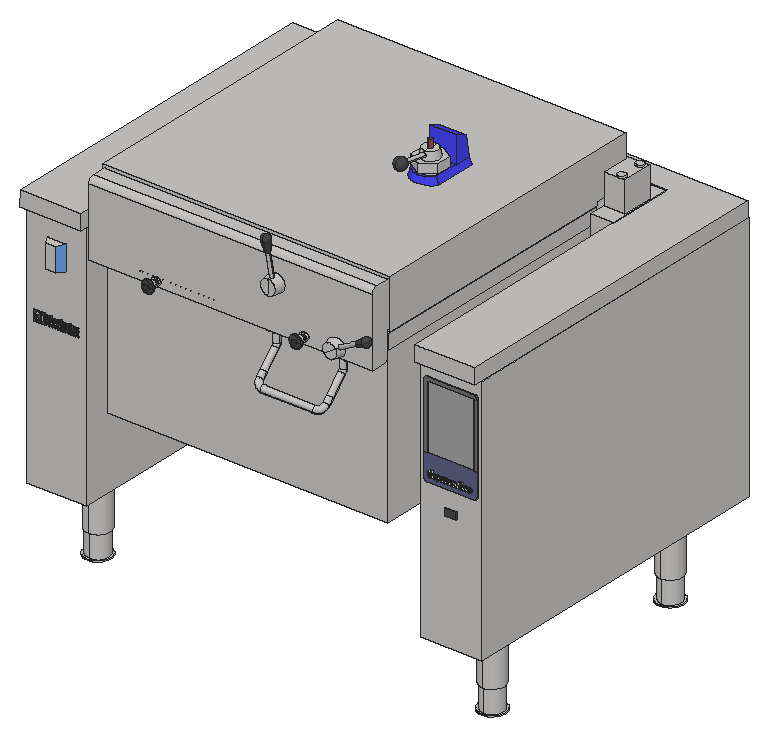
Revit family "QF_ELECTROLUXPROFESSIONAL_587142_PUET09ECIO", category Attrezzature speciali, Revit 2020 (continued)
Definition of nested family "QF_ELECTROLUXPROFESSIONAL_PUETNB900_LEFT"
  Automatic sketch dimensions
    Extrusion 4 sketch curve to Extrusion 4 sketch curve = 2.789 mm
    Extrusion 4 sketch curve to Extrusion 4 sketch curve = 0.908 mm  (x2)
    Extrusion 4 sketch curve to Extrusion 4 sketch curve = 0.826 mm  (x2)
    Extrusion 4 sketch curve to Extrusion 4 sketch curve = 0.126 mm  (x3)
    Extrusion 4 sketch curve to Extrusion 4 sketch curve = 2.333 mm
    Extrusion 4 sketch curve to Extrusion 4 sketch curve = 1.257 mm  (x2)
    Extrusion 4 sketch curve to Extrusion 4 sketch curve = 2.771 mm
    Extrusion 4 sketch curve to Extrusion 4 sketch curve = 1.497 mm
    Extrusion 4 sketch curve to Extrusion 4 sketch curve = 1.979 mm
    Extrusion 4 sketch curve to Extrusion 4 sketch curve = 1.653 mm
    Extrusion 4 sketch curve to Extrusion 4 sketch curve = 0.085 mm
    Extrusion 4 sketch curve to Extrusion 4 sketch curve = 0.315 mm
    Extrusion 4 sketch curve to Extrusion 4 sketch curve = 3.811 mm
    Extrusion 4 sketch curve to Extrusion 4 sketch curve = 2.136 mm  (x2)
    Extrusion 4 sketch curve to Extrusion 4 sketch curve = 2.352 mm  (x2)
    Extrusion 4 sketch curve to Extrusion 4 sketch curve = 3.797 mm
    Extrusion 4 sketch curve to Extrusion 4 sketch curve = 1.528 mm
    Extrusion 4 sketch curve to Extrusion 4 sketch curve = 1.476 mm  (x2)
    Extrusion 4 sketch curve to Extrusion 4 sketch curve = 1.469 mm  (x2)
    Extrusion 4 sketch curve to Extrusion 4 sketch curve = 3.728 mm
    Extrusion 4 sketch curve to Extrusion 4 sketch curve = 0.046 mm
    Extrusion 4 sketch curve to Extrusion 4 sketch curve = 0.177 mm
    Extrusion 4 sketch curve to Extrusion 4 sketch curve = 0.947 mm
    Extrusion 4 sketch curve to Extrusion 4 sketch curve = 0.308 mm
    Extrusion 4 sketch curve to Extrusion 4 sketch curve = 0.091 mm
    Extrusion 4 sketch curve to Extrusion 4 sketch curve = 2.375 mm
    Extrusion 4 sketch curve to Extrusion 4 sketch curve = 0.94 mm
    Extrusion 4 sketch curve to Extrusion 4 sketch curve = 0.54 mm
    Extrusion 4 sketch curve to Extrusion 4 sketch curve = 0.102 mm
    Extrusion 4 sketch curve to Extrusion 4 sketch curve = 0.002 mm  (x4)
    Extrusion 4 sketch curve to Extrusion 4 sketch curve = 0.105 mm
    Extrusion 4 sketch curve to Extrusion 4 sketch curve = 0.097 mm
    Extrusion 4 sketch curve to plane 3 "Center (Left/Right)" = 0.241 mm
    Extrusion 4 sketch curve to plane 3 "Center (Left/Right)" = 0.412 mm
    Extrusion 4 sketch curve to plane 3 "Center (Left/Right)" = 2.074 mm
    Extrusion 4 sketch curve to Extrusion 4 sketch curve = 1.777 mm
    Extrusion 4 sketch curve to plane 3 "Center (Left/Right)" = 2.704 mm
    Extrusion 4 sketch curve to Extrusion 4 sketch curve = 1.001 mm
    Extrusion 4 sketch curve to Extrusion 4 sketch curve = 1.393 mm  (x2)
    Extrusion 4 sketch curve to Extrusion 4 sketch curve = 2.363 mm
    Extrusion 4 sketch curve to Extrusion 4 sketch curve = 2.253 mm
    Extrusion 4 sketch curve to Extrusion 4 sketch curve = 0.014 mm  (x4)
    Extrusion 4 sketch curve to Extrusion 4 sketch curve = 0.172 mm
    Extrusion 4 sketch curve to Extrusion 4 sketch curve = 0.096 mm
    Extrusion 4 sketch curve to Extrusion 4 sketch curve = 0.164 mm
    Extrusion 4 sketch curve to Extrusion 4 sketch curve = 0.298 mm
    Extrusion 4 sketch curve to Extrusion 4 sketch curve = 0.247 mm
    Extrusion 4 sketch curve to Extrusion 4 sketch curve = 0.084 mm
    Extrusion 4 sketch curve to Extrusion 4 sketch curve = 6.484 mm
    Extrusion 4 sketch curve to Extrusion 4 sketch curve = 2.596 mm
    Extrusion 4 sketch curve to Extrusion 4 sketch curve = 0.059 mm  (x2)
    Extrusion 4 sketch curve to Extrusion 4 sketch curve = 3.889 mm
    Extrusion 4 sketch curve to Extrusion 4 sketch curve = 6.029 mm
    Extrusion 4 sketch curve to Extrusion 4 sketch curve = 0.929 mm
    Extrusion 4 sketch curve to Extrusion 4 sketch curve = 1.102 mm
    Extrusion 4 sketch curve to Extrusion 4 sketch curve = 0.756 mm  (x2)
    Extrusion 4 sketch curve to Extrusion 4 sketch curve = 0.852 mm
    Extrusion 4 sketch curve to Extrusion 4 sketch curve = 0.108 mm
    Extrusion 4 sketch curve to Extrusion 4 sketch curve = 0.101 mm
    Extrusion 4 sketch curve to Extrusion 4 sketch curve = 0.072 mm
    Extrusion 4 sketch curve to Extrusion 4 sketch curve = 1.67 mm
    Extrusion 4 sketch curve to Extrusion 4 sketch curve = 1.834 mm
    Extrusion 4 sketch curve to Extrusion 4 sketch curve = 0.366 mm
    Extrusion 4 sketch curve to Extrusion 4 sketch curve = 0.993 mm
    Extrusion 4 sketch curve to Extrusion 4 sketch curve = 0.81 mm
    Extrusion 4 sketch curve to Extrusion 4 sketch curve = 1.026 mm  (x2)
    Extrusion 4 sketch curve to Extrusion 4 sketch curve = 4.272 mm
    Extrusion 4 sketch curve to Extrusion 4 sketch curve = 0.163 mm
    Extrusion 4 sketch curve to Extrusion 4 sketch curve = 0.551 mm
    plane 14 to Extrusion 4 sketch curve = 6.023 mm
    Extrusion 4 sketch curve to Extrusion 4 sketch curve = 1.451 mm
    plane 14 to Extrusion 4 sketch curve = 5.28 mm
    Extrusion 4 sketch curve to Extrusion 4 sketch curve = 0.045 mm  (x2)
    Extrusion 4 sketch curve to Extrusion 4 sketch curve = 0.241 mm
    Extrusion 4 sketch curve to Extrusion 4 sketch curve = 0.039 mm
    Extrusion 4 sketch curve to Extrusion 4 sketch curve = 1.134 mm
    Extrusion 4 sketch curve to Extrusion 4 sketch curve = 2.351 mm
    Extrusion 4 sketch curve to plane 14 = 0.874 mm
    Extrusion 4 sketch curve to Extrusion 4 sketch curve = 10.128 mm
    Extrusion 4 sketch curve to Extrusion 4 sketch curve = 0.956 mm
    Extrusion 4 sketch curve to Extrusion 4 sketch curve = 1.263 mm
    Extrusion 4 sketch curve to Extrusion 4 sketch curve = 2.577 mm
    Extrusion 4 sketch curve to Extrusion 4 sketch curve = 0.243 mm
    Extrusion 4 sketch curve to Extrusion 4 sketch curve = 0.031 mm
    Extrusion 4 sketch curve to Extrusion 4 sketch curve = 7.148 mm
    Extrusion 4 sketch curve to Extrusion 4 sketch curve = 1.502 mm
    Extrusion 4 sketch curve to Extrusion 4 sketch curve = 11.54 mm
    Extrusion 4 sketch curve to Extrusion 4 sketch curve = 11.758 mm
    Extrusion 4 sketch curve to Extrusion 4 sketch curve = 4.097 mm
    Extrusion 4 sketch curve to Extrusion 4 sketch curve = 0.011 mm
    Extrusion 4 sketch curve to Extrusion 4 sketch curve = 4.488 mm
    plane 17 "CHW" to Extrusion 4 sketch curve = 191.223 mm
    Extrusion 4 sketch curve to Extrusion 4 sketch curve = 3.444 mm  (x2)
    Extrusion 4 sketch curve to Extrusion 4 sketch curve = 3.777 mm
    Extrusion 4 sketch curve to Extrusion 4 sketch curve = 1.093 mm
    Extrusion 4 sketch curve to Extrusion 4 sketch curve = 1.192 mm
    Extrusion 4 sketch curve to Extrusion 4 sketch curve = 0.319 mm
    Extrusion 4 sketch curve to Extrusion 4 sketch curve = 5.798 mm
    Extrusion 4 sketch curve to Extrusion 4 sketch curve = 2.021 mm
    Extrusion 4 sketch curve to Extrusion 4 sketch curve = 2.357 mm  (x3)
    Extrusion 4 sketch curve to Extrusion 4 sketch curve = 0.892 mm  (x3)
    Extrusion 4 sketch curve to Extrusion 4 sketch curve = 1.018 mm
    Extrusion 4 sketch curve to Extrusion 4 sketch curve = 3.382 mm  (x2)
    Extrusion 4 sketch curve to Extrusion 4 sketch curve = 2.117 mm
    Extrusion 4 sketch curve to Extrusion 4 sketch curve = 0.195 mm  (x2)
    Extrusion 4 sketch curve to Extrusion 4 sketch curve = 0.295 mm  (x2)
    Extrusion 4 sketch curve to Extrusion 4 sketch curve = 0.618 mm
    Extrusion 4 sketch curve to Extrusion 4 sketch curve = 0.385 mm  (x2)
    Extrusion 4 sketch curve to Extrusion 4 sketch curve = 1.626 mm  (x2)
    Extrusion 4 sketch curve to Extrusion 4 sketch curve = 1.65 mm
    Extrusion 4 sketch curve to Extrusion 4 sketch curve = 1.662 mm
    Extrusion 4 sketch curve to Extrusion 4 sketch curve = 0.013 mm  (x2)
    Extrusion 4 sketch curve to Extrusion 4 sketch curve = 0.292 mm
    Extrusion 4 sketch curve to Extrusion 4 sketch curve = 0.107 mm  (x2)
    Extrusion 4 sketch curve to Extrusion 4 sketch curve = 0.068 mm  (x2)
    Extrusion 4 sketch curve to Extrusion 4 sketch curve = 0.968 mm
    Extrusion 4 sketch curve to Extrusion 4 sketch curve = 0.365 mm
    Extrusion 4 sketch curve to Extrusion 4 sketch curve = 2.361 mm
    Extrusion 4 sketch curve to Extrusion 4 sketch curve = 2.359 mm
    Extrusion 4 sketch curve to Extrusion 4 sketch curve = 0.531 mm  (x2)
    Extrusion 4 sketch curve to Extrusion 4 sketch curve = 0.928 mm  (x2)
    Extrusion 4 sketch curve to Extrusion 4 sketch curve = 1.058 mm
    Extrusion 4 sketch curve to Extrusion 4 sketch curve = 0.297 mm  (x2)
    Extrusion 4 sketch curve to Extrusion 4 sketch curve = 0.155 mm  (x2)
    Extrusion 4 sketch curve to Extrusion 4 sketch curve = 1.305 mm
    Extrusion 4 sketch curve to Extrusion 4 sketch curve = 1.037 mm
    Extrusion 4 sketch curve to Extrusion 4 sketch curve = 0.182 mm  (x2)
    Extrusion 4 sketch curve to Extrusion 4 sketch curve = 0.607 mm  (x2)
    Extrusion 4 sketch curve to Extrusion 4 sketch curve = 0.304 mm  (x2)
    Extrusion 4 sketch curve to Extrusion 4 sketch curve = 0.372 mm  (x2)
    Extrusion 4 sketch curve to Extrusion 4 sketch curve = 0.016 mm  (x2)
    Extrusion 4 sketch curve to Extrusion 4 sketch curve = 0.996 mm
    Extrusion 4 sketch curve to Extrusion 4 sketch curve = 0.93 mm
    Extrusion 4 sketch curve to Extrusion 4 sketch curve = 0.709 mm  (x2)
    Extrusion 4 sketch curve to Extrusion 4 sketch curve = 1.752 mm
    Extrusion 4 sketch curve to Extrusion 4 sketch curve = 1.017 mm
    Extrusion 4 sketch curve to Extrusion 4 sketch curve = 4.718 mm
    Extrusion 4 sketch curve to Extrusion 4 sketch curve = 0.891 mm
    Extrusion 4 sketch curve to Extrusion 4 sketch curve = 3.826 mm
    Extrusion 4 sketch curve to Extrusion 4 sketch curve = 1.696 mm
    Extrusion 4 sketch curve to Extrusion 4 sketch curve = 0.954 mm
    Extrusion 4 sketch curve to Extrusion 4 sketch curve = 5.576 mm
    Extrusion 4 sketch curve to Extrusion 4 sketch curve = 5.657 mm  (x2)
    Extrusion 4 sketch curve to Extrusion 4 sketch curve = 5.661 mm  (x2)
    Extrusion 4 sketch curve to Extrusion 4 sketch curve = 0.006 mm
    Extrusion 4 sketch curve to Extrusion 4 sketch curve = 1.499 mm
    Extrusion 4 sketch curve to Extrusion 4 sketch curve = 7.186 mm
    Extrusion 4 sketch curve to Extrusion 4 sketch curve = 2.203 mm
    Extrusion 4 sketch curve to Extrusion 4 sketch curve = 2.21 mm
    Extrusion 4 sketch curve to Extrusion 4 sketch curve = 1.607 mm
    Extrusion 4 sketch curve to Extrusion 4 sketch curve = 3.479 mm
    Extrusion 4 sketch curve to Extrusion 4 sketch curve = 3.92 mm
    Extrusion 4 sketch curve to Extrusion 4 sketch curve = 0.05 mm
    Extrusion 4 sketch curve to Extrusion 4 sketch curve = 1.776 mm
    Extrusion 4 sketch curve to Extrusion 4 sketch curve = 4.017 mm
    Extrusion 4 sketch curve to Extrusion 4 sketch curve = 0.196 mm  (x2)
    Extrusion 4 sketch curve to Extrusion 4 sketch curve = 0.19 mm
    Extrusion 4 sketch curve to Extrusion 4 sketch curve = 1.312 mm
    Extrusion 4 sketch curve to Extrusion 4 sketch curve = 0.146 mm
    Extrusion 4 sketch curve to Extrusion 4 sketch curve = 2.831 mm
    Extrusion 4 sketch curve to Extrusion 4 sketch curve = 0.387 mm
    Extrusion 4 sketch curve to Extrusion 4 sketch curve = 0.174 mm
    Extrusion 4 sketch curve to Extrusion 4 sketch curve = 4.623 mm
    Extrusion 4 sketch curve to Extrusion 4 sketch curve = 1.754 mm
    Extrusion 4 sketch curve to Extrusion 4 sketch curve = 0.188 mm
    Extrusion 4 sketch curve to Extrusion 4 sketch curve = 0.02 mm
    Extrusion 4 sketch curve to Extrusion 4 sketch curve = 0.313 mm
    Extrusion 4 sketch curve to Extrusion 4 sketch curve = 0.12 mm
    Extrusion 4 sketch curve to Extrusion 4 sketch curve = 0.062 mm
    Extrusion 4 sketch curve to Extrusion 4 sketch curve = 0.568 mm
    Extrusion 4 sketch curve to Extrusion 4 sketch curve = 1.763 mm
    Extrusion 4 sketch curve to Extrusion 4 sketch curve = 0.095 mm
    Extrusion 4 sketch curve to Extrusion 4 sketch curve = 1.817 mm
    Extrusion 4 sketch curve to Extrusion 4 sketch curve = 0.357 mm
    Extrusion 4 sketch curve to Extrusion 4 sketch curve = 0.008 mm
    Extrusion 4 sketch curve to Extrusion 4 sketch curve = 0.36 mm
    Extrusion 4 sketch curve to Extrusion 4 sketch curve = 3.784 mm
    Extrusion 4 sketch curve to Extrusion 4 sketch curve = 1.654 mm
    Extrusion 4 sketch curve to Extrusion 4 sketch curve = 1.454 mm
    Extrusion 4 sketch curve to Extrusion 4 sketch curve = 1.705 mm
    Extrusion 4 sketch curve to Extrusion 4 sketch curve = 1.893 mm
    Extrusion 4 sketch curve to Extrusion 4 sketch curve = 3.429 mm
    Extrusion 4 sketch curve to Extrusion 4 sketch curve = 1.094 mm
    Extrusion 4 sketch curve to Extrusion 4 sketch curve = 2.218 mm
    Extrusion 4 sketch curve to Extrusion 4 sketch curve = 1.404 mm
    Extrusion 4 sketch curve to Extrusion 4 sketch curve = 5.763 mm
    Extrusion 4 sketch curve to Extrusion 4 sketch curve = 2.932 mm  (x2)
    Extrusion 4 sketch curve to Extrusion 4 sketch curve = 5.959 mm
    Extrusion 4 sketch curve to Extrusion 4 sketch curve = 1.424 mm
    Extrusion 4 sketch curve to Extrusion 4 sketch curve = 3.23 mm
    Extrusion 4 sketch curve to Extrusion 4 sketch curve = 1.975 mm
    Extrusion 4 sketch curve to Extrusion 4 sketch curve = 3.779 mm
    Extrusion 4 sketch curve to Extrusion 4 sketch curve = 2.212 mm
    Extrusion 4 sketch curve to Extrusion 4 sketch curve = 3.78 mm
    Extrusion 4 sketch curve to Extrusion 4 sketch curve = 1.279 mm
    Extrusion 4 sketch curve to Extrusion 4 sketch curve = 1.343 mm  (x2)
    Extrusion 4 sketch curve to Extrusion 4 sketch curve = 1.353 mm  (x2)
    Extrusion 4 sketch curve to Extrusion 4 sketch curve = 0.027 mm  (x2)
    Extrusion 4 sketch curve to Extrusion 4 sketch curve = 0.395 mm  (x2)
    Extrusion 4 sketch curve to Extrusion 4 sketch curve = 0.329 mm  (x2)
    Extrusion 4 sketch curve to Extrusion 4 sketch curve = 0.425 mm  (x2)
    Extrusion 4 sketch curve to Extrusion 4 sketch curve = 0.051 mm  (x2)
    Extrusion 4 sketch curve to Extrusion 4 sketch curve = 0.495 mm  (x2)
    Extrusion 4 sketch curve to Extrusion 4 sketch curve = 0.267 mm  (x2)
    Extrusion 4 sketch curve to Extrusion 4 sketch curve = 1.4 mm
    Extrusion 4 sketch curve to Extrusion 4 sketch curve = 5.233 mm
    Extrusion 4 sketch curve to Extrusion 4 sketch curve = 2.062 mm
    Extrusion 5 sketch curve to plane 13 "HW_CW" = 0.0 mm  (x2)
    Extrusion 5 sketch curve to plane 15 = 0.0 mm
    Extrusion 5 sketch curve to plane 14 = 0.0 mm
    Extrusion 6 sketch curve to plane 16 "Drain_Z" = 0.0 mm
    Extrusion 6 sketch curve to plane 18 = 0.0 mm
    Extrusion 7 sketch curve to plane 3 "Center (Left/Right)" = 0.0 mm
    Extrusion 7 sketch curve to plane 19 = 0.0 mm
    radius of Extrusion 2 sketch curve = 6.35 mm  (x2)
    radius of Extrusion 4 sketch curve = 2.453 mm
    radius of Extrusion 4 sketch curve = 1.557 mm
    radius of Extrusion 4 sketch curve = 1.468 mm
    radius of Extrusion 4 sketch curve = 2.451 mm
    radius of Extrusion 5 sketch curve = 5.0 mm  (x2)
    radius of Extrusion 6 sketch curve = 7.938 mm
    radius of Extrusion 7 sketch curve = 12.7 mm
Definition of nested family "QF_ELECTROLUXPROFESSIONAL_PUETNB900_RIGHT"
  Parameters
    Width = 160.0 mm
    Steam_z = 140.0 mm
    Steam_y = 239.0 mm
    Right = Width / 2  # 80.0 mm
    Default Elevation = 0.0 mm
    Left = -Width / 2  # -80.0 mm
    Htop = 40.0 mm
    Height = 900.0 mm
    HBase = 200.0 mm
    EI_z = 250.0 mm
    EI_y = 312.0 mm
    Depth = 900.0 mm
    BorderFront = 20.0 mm
    Body Finish [instance] = none
  Reference planes
    plane 1 "Center (Front/Back)": y = 0
    plane 2: z = 0
    plane 3 "Center (Left/Right)": x = 0
    plane 4 "LEFT": x = -80
    plane 5 "RIGHT": x = 80
    plane 6 "BACK": y = 450
    plane 7 "FRONT": y = -450
    plane 8 "Base": z = 200
    plane 9 "TOP": z = 900
    plane 10 "BorderFront": y = -430
    plane 11: z = 860
    plane 12 "EI": z = 450
    plane 13: y = 138
    plane 14 "STEAM_y": y = 211
    plane 15 "Steam_z": z = 340
  Forms (mm)
    Extrusion 1, solid
      sketch origin (0, 0, 0) x (1, 0, 0) y (0, 1, 0)
        loop
          line (-80, 450) -> (-80, -430) -> (80, -430) -> (80, 450) -> (-80, 450)
      from 860 to 200
    Extrusion 2, solid
      sketch origin (0, -430, 0) x (-1, 0, 0) y (0, 0, 1)
        loop
          line (59.714, 823.989) -> (-61.821, 823.989)
          arc (-61.821, 823.989) -> (-68.892, 821.06) -> (-71.821, 813.989) r 10
          line (-71.821, 813.989) -> (-71.821, 644.744) -> (-61.821, 644.744) -> (-61.821, 813.989) -> (59.714, 813.989) -> (59.714, 644.744) -> (69.714, 644.744) -> (69.714, 813.989)
          arc (69.714, 813.989) -> (66.786, 821.06) -> (59.714, 823.989) r 10
      from 0 to -3
    Extrusion 3, solid
      sketch origin (0, -430, 0) x (-1, 0, 0) y (0, 0, 1)
        loop
          line (69.714, 585) -> (69.714, 644.744) -> (-71.821, 644.744) -> (-71.821, 585)
          arc (-71.821, 585) -> (-68.892, 577.929) -> (-61.821, 575) r 10
          line (-61.821, 575) -> (59.714, 575)
          arc (59.714, 575) -> (66.786, 577.929) -> (69.714, 585) r 10
      from -3 to 0
    Extrusion 4, solid
      sketch origin (234.714, -430, 0) x (-1, 0, 0) y (0, 0, 1)
        loop
          line (294.429, 813.989) -> (172.894, 813.989) -> (172.894, 644.744) -> (294.429, 644.744) -> (294.429, 813.989)
      from 0 to -3
    Extrusion 5, solid
      sketch origin (0, -430, 0) x (-1, 0, 0) y (0, 0, 1)
        loop
          line (15, 530) -> (-15, 530) -> (-15, 510) -> (15, 510) -> (15, 530)
      from -1.6 to 0
    Extrusion 6, solid
      sketch origin (0, 450, 0) x (-1, 0, 0) y (0, 0, 1)
        loop
          circle (0, 450) r 5
      from 0 to 2
    Extrusion 7, solid
      sketch origin (0, 0, 200) x (0, 1, 0) y (-1, 0, 0)
        loop
          circle (138, 0) r 10
      from 0 to -3
    Extrusion 8, solid
      sketch origin (0, 0, 200) x (0, 1, 0) y (-1, 0, 0)
        loop
          circle (211, 0) r 12.7
      from 0 to -3
    Extrusion 9, solid
      sketch origin (0, 450, 0) x (-1, 0, 0) y (0, 0, 1)
        loop
          circle (0, 340) r 12.7
      from 0 to 3
  Lines and regions (mm)
    symbolic lines
      curve 1: line (-80, 450, 0) -> (80, 450, 0)
      curve 2: line (80, 450, 0) -> (80, -430, 0)
  Dimensions and locks
    "Width": plane 4 "LEFT" to plane 5 "RIGHT"
    equal spacing: plane 4 "LEFT", plane 3 "Center (Left/Right)", plane 5 "RIGHT"
    equal spacing: plane 6 "BACK", plane 1 "Center (Front/Back)", plane 7 "FRONT"
    "Depth": plane 6 "BACK" to plane 7 "FRONT"
    "BorderFront": plane 10 "BorderFront" to plane 7 "FRONT"
    "Htop": plane 9 "TOP" to plane 11
    "Height": plane 9 "TOP" to level
    "HBase": plane 8 "Base" to level
    "EI_y": plane 6 "BACK" to plane 13
    "EI_z": plane 12 "EI" to plane 8 "Base"
    "Steam_y": plane 6 "BACK" to plane 14 "STEAM_y"
    plane 15 "Steam_z" to plane 8 "Base" = 140.0 mm
    aligned and locked: level to plane 2
    aligned and locked: plane 10 "BorderFront" to Extrusion 1 sketch curve
    aligned and locked: plane 11 to Extrusion 1
    aligned and locked: Extrusion 1 to plane 8 "Base"
    aligned and locked: plane 4 "LEFT" to Extrusion 1 sketch curve
    aligned and locked: Extrusion 1 sketch curve to plane 5 "RIGHT"
    aligned and locked: Extrusion 1 sketch curve to plane 6 "BACK"
  Automatic sketch dimensions
    Extrusion 2 sketch curve to plane 5 "RIGHT" = 8.179 mm
    Extrusion 2 sketch curve to Extrusion 2 sketch curve = 10.0 mm  (x2)
    Extrusion 2 sketch curve to Extrusion 2 sketch curve = 0.0 mm  (x4)
    plane 4 "LEFT" to Extrusion 2 sketch curve = 20.286 mm
    Extrusion 2 sketch curve to plane 11 = 215.256 mm
    Extrusion 2 sketch curve to plane 11 = 46.011 mm
    Extrusion 3 sketch curve to plane 5 "RIGHT" = 8.179 mm
    plane 4 "LEFT" to Extrusion 3 sketch curve = 20.286 mm
    plane 4 "LEFT" to Extrusion 3 sketch curve = 10.286 mm
    Extrusion 3 sketch curve to plane 11 = 285.0 mm
    Extrusion 3 sketch curve to Extrusion 3 sketch curve = 59.744 mm
    Extrusion 3 sketch curve to Extrusion 3 sketch curve = 10.0 mm
    plane 4 "LEFT" to Extrusion 4 sketch curve = 20.286 mm
    Extrusion 4 sketch curve to plane 11 = 46.011 mm
    Extrusion 4 sketch curve to plane 5 "RIGHT" = 18.179 mm
    Extrusion 4 sketch curve to Extrusion 4 sketch curve = 169.244 mm
    Extrusion 6 sketch curve to plane 3 "Center (Left/Right)" = 0.0 mm
    Extrusion 6 sketch curve to plane 12 "EI" = 0.0 mm
    curve 1 to plane 4 "LEFT" = 0.0 mm
    curve 1 to plane 5 "RIGHT" = 0.0 mm
    curve 2 to plane 10 "BorderFront" = 0.0 mm
    curve 1 to plane 6 "BACK" = 0.0 mm
    plane 3 "Center (Left/Right)" to Extrusion 5 sketch curve = 15.0 mm
    Extrusion 5 sketch curve to plane 3 "Center (Left/Right)" = 15.0 mm
    plane 12 "EI" to Extrusion 5 sketch curve = 60.0 mm
    Extrusion 5 sketch curve to Extrusion 5 sketch curve = 20.0 mm
    Extrusion 7 sketch curve to plane 3 "Center (Left/Right)" = 0.0 mm
    Extrusion 7 sketch curve to plane 13 = 0.0 mm
    Extrusion 8 sketch curve to plane 3 "Center (Left/Right)" = 0.0 mm
    Extrusion 8 sketch curve to plane 14 "STEAM_y" = 0.0 mm
    Extrusion 9 sketch curve to plane 3 "Center (Left/Right)" = 0.0 mm
    Extrusion 9 sketch curve to plane 15 "Steam_z" = 0.0 mm
    radius of Extrusion 6 sketch curve = 5.0 mm
    radius of Extrusion 7 sketch curve = 10.0 mm
    radius of Extrusion 8 sketch curve = 12.7 mm
    radius of Extrusion 9 sketch curve = 12.7 mm
  Nested families
    nested 1: "ELX_ThermaLine" at (-0.906, -433, 593.675) x (1, 0, 0) z (0, -1, 0), type "ELX_ThermaLine"
      with Show Logo yes, Material_Logo none
  Definition of nested family "ELX_ThermaLine"
    Parameters
      Show Logo [instance] = yes
      Material_Logo [instance] = none
      Default Elevation = 0.0 mm
    Reference planes
      plane 1 "Centro (Fronte/Retro)": y = 0
      plane 2: z = 0
      plane 3 "Centro (Sinistra/Destra)": x = 0
    Forms (mm)
      Extrusion 1, solid
        sketch origin (0, 0, 0) x (1, 0, 0) y (0, 1, 0)
          loop
            line (-1219.2, 1219.2) -> (-1219.2, -1219.2) -> (1219.2, -1219.2) -> (1219.2, 1219.2) -> (-1219.2, 1219.2)
        from 0 to -304.8
      Extrusion 2, solid
        sketch origin (0, 0, 0) x (1, 0, 0) y (0, 1, 0)
          loop
            line (-52.84, 4.345) -> (-50.793, 4.345) -> (-50.793, 6.716) -> (-52.84, 6.716) -> (-52.84, 10.788) -> (-55.901, 9.058) -> (-55.901, 6.716) -> (-57.324, 6.716) -> (-57.324, 4.345) -> (-55.901, 4.345) -> (-55.901, -1.637)
            arc (-55.901, -1.637) -> (-54.76, -4.355) -> (-51.88, -4.985) r 3.198
            line (-51.88, -4.985) -> (-50.444, -4.597) -> (-50.782, -2.189) -> (-51.765, -2.453)
            arc (-51.765, -2.453) -> (-52.506, -2.305) -> (-52.84, -1.628) r 0.854
            line (-52.84, -1.628) -> (-52.84, 4.345)
          loop
            line (-48.642, 11.198) -> (-48.642, -4.787) -> (-45.561, -4.787) -> (-45.561, 2.659)
            arc (-45.561, 2.659) -> (-44.379, 4.372) -> (-42.304, 4.523) r 2.408
            arc (-42.304, 4.523) -> (-41.484, 3.75) -> (-41.182, 2.665) r 2.099
            line (-41.182, 2.665) -> (-41.182, -4.787) -> (-38.117, -4.787) -> (-38.088, 2.166)
            arc (-38.088, 2.166) -> (-38.343, 3.963) -> (-39.021, 5.646) r 7.517
            arc (-39.021, 5.646) -> (-42.369, 6.971) -> (-45.561, 5.303) r 4.327
            line (-45.561, 5.303) -> (-45.561, 11.198) -> (-48.642, 11.198)
          loop
            arc (-28.196, 1.988) -> (-28.834, 3.893) -> (-30.683, 4.679) r 2.449
            arc (-30.683, 4.679) -> (-32.149, 3.674) -> (-32.711, 1.988) r 2.793
            line (-32.711, 1.988) -> (-28.196, 1.988)
          loop
            arc (-25.128, 0.121) -> (-26.074, 4.342) -> (-29.545, 6.923) r 6.212
            arc (-29.545, 6.923) -> (-33.021, 6.358) -> (-35.352, 3.718) r 5.232
            arc (-35.352, 3.718) -> (-35.918, 1.148) -> (-35.633, -1.468) r 8.117
            arc (-35.633, -1.468) -> (-34.524, -3.319) -> (-32.789, -4.603) r 5.523
            arc (-32.789, -4.603) -> (-28.402, -4.744) -> (-25.297, -1.641) r 5.523
            line (-25.297, -1.641) -> (-28.327, -1.106)
            arc (-28.327, -1.106) -> (-29.324, -2.396) -> (-30.951, -2.501) r 1.982
            arc (-30.951, -2.501) -> (-32.276, -1.475) -> (-32.789, 0.121) r 2.835
            line (-32.789, 0.121) -> (-25.128, 0.121)
          loop
            line (-22.733, -4.787) -> (-19.705, -4.787) -> (-19.705, 0)
            arc (-19.705, 0) -> (-19.663, 1.267) -> (-19.469, 2.521) r 10.557
            arc (-19.469, 2.521) -> (-18.189, 4.014) -> (-16.237, 3.761) r 2.069
            line (-16.237, 3.761) -> (-15.318, 6.433)
            arc (-15.318, 6.433) -> (-17.915, 6.783) -> (-19.931, 5.11) r 3.262
            line (-19.931, 5.11) -> (-19.931, 6.752) -> (-22.733, 6.752) -> (-22.733, -4.787)
          loop
            line (-14.233, 6.752) -> (-14.233, -4.787) -> (-11.135, -4.787) -> (-11.135, 1.783)
            arc (-11.135, 1.783) -> (-10.552, 3.635) -> (-8.862, 4.59) r 2.646
            arc (-8.862, 4.59) -> (-7.677, 3.931) -> (-7.234, 2.65) r 1.899
            line (-7.234, 2.65) -> (-7.234, -4.787) -> (-4.155, -4.787) -> (-4.155, 1.467)
            arc (-4.155, 1.467) -> (-3.845, 2.923) -> (-2.97, 4.128) r 3.581
            arc (-2.97, 4.128) -> (-1.581, 4.474) -> (-0.516, 3.516) r 1.525
            arc (-0.516, 3.516) -> (-0.324, 2.735) -> (-0.304, 1.931) r 3.735
            line (-0.304, 1.931) -> (-0.304, -4.787) -> (2.776, -4.787) -> (2.776, 3.096)
            arc (2.776, 3.096) -> (1.833, 5.68) -> (-0.612, 6.942) r 3.784
            arc (-0.612, 6.942) -> (-2.795, 6.596) -> (-4.513, 5.205) r 4.271
            arc (-4.513, 5.205) -> (-5.893, 6.457) -> (-7.686, 6.964) r 4.079
            arc (-7.686, 6.964) -> (-9.75, 6.555) -> (-11.39, 5.237) r 4.412
            line (-11.39, 5.237) -> (-11.39, 6.752) -> (-14.233, 6.752)
          loop
            line (5.334, 3.712) -> (8.069, 3.23)
            arc (8.069, 3.23) -> (10.312, 4.685) -> (12.137, 2.73) r 2.082
            line (12.137, 2.73) -> (8.171, 1.741)
            arc (8.171, 1.741) -> (6.593, 1.022) -> (5.378, -0.215) r 4.758
            arc (5.378, -0.215) -> (5.225, -1.991) -> (5.744, -3.697) r 4.711
            arc (5.744, -3.697) -> (7.301, -4.682) -> (9.118, -4.992) r 4.691
            arc (9.118, -4.992) -> (10.903, -4.593) -> (12.411, -3.558) r 4.818
            line (12.411, -3.558) -> (12.81, -4.787) -> (15.873, -4.787) -> (15.179, -2.652) -> (15.179, 3.25)
            arc (15.179, 3.25) -> (14.773, 5.146) -> (13.38, 6.496) r 3.336
            arc (13.38, 6.496) -> (10.765, 7.201) -> (8.091, 6.773) r 6.459
            arc (8.091, 6.773) -> (6.348, 5.57) -> (5.334, 3.712) r 4.569
          loop
            line (21.001, -4.787) -> (24.24, -4.787) -> (27.623, 11.127) -> (24.384, 11.127) -> (21.001, -4.787)
          loop
            line (27.273, -4.787) -> (30.332, -4.787) -> (32.777, 6.716) -> (29.718, 6.716) -> (27.273, -4.787)
          loop
            line (30.656, 11.127) -> (30.058, 8.314) -> (33.117, 8.314) -> (33.715, 11.127) -> (30.656, 11.127)
          loop
            line (33.431, -4.787) -> (36.649, -4.787) -> (38.261, 2.796)
            arc (38.261, 2.796) -> (39.644, 4.445) -> (41.791, 4.594) r 2.751
            arc (41.791, 4.594) -> (42.425, 3.729) -> (42.502, 2.659) r 1.936
            line (42.502, 2.659) -> (40.919, -4.787) -> (43.989, -4.787) -> (45.795, 3.712)
            arc (45.795, 3.712) -> (45.588, 5.458) -> (44.361, 6.716) r 2.734
            arc (44.361, 6.716) -> (41.222, 6.857) -> (38.516, 5.259) r 5.512
            line (38.516, 5.259) -> (38.826, 6.716) -> (35.876, 6.716) -> (33.431, -4.787)
          loop
            line (50.773, 1.934) -> (55.672, 1.934)
            arc (55.672, 1.934) -> (55.737, 2.919) -> (55.334, 3.821) r 2.051
            arc (55.334, 3.821) -> (53.773, 4.722) -> (52.024, 4.287) r 2.407
            arc (52.024, 4.287) -> (51.223, 3.203) -> (50.773, 1.934) r 4.566
          loop
            line (50.479, 0) -> (58.259, 0)
            arc (58.259, 0) -> (58.241, 3.53) -> (56.181, 6.396) r 5.8
            arc (56.181, 6.396) -> (52.577, 6.992) -> (49.395, 5.199) r 5.498
            arc (49.395, 5.199) -> (47.819, 2.372) -> (47.536, -0.853) r 7.747
            arc (47.536, -0.853) -> (48.406, -3.006) -> (50.236, -4.437) r 4.494
            arc (50.236, -4.437) -> (52.672, -4.934) -> (55.109, -4.437) r 6.224
            arc (55.109, -4.437) -> (56.76, -3.346) -> (57.916, -1.739) r 5.478
            line (57.916, -1.739) -> (55.129, -1.247)
            arc (55.129, -1.247) -> (53.897, -2.495) -> (52.149, -2.637) r 2.52
            arc (52.149, -2.637) -> (50.809, -1.638) -> (50.479, 0) r 2.336
          loop
            line (12.154, 0.755) -> (8.732, -0.098)
            arc (8.732, -0.098) -> (8.126, -1.288) -> (8.732, -2.478) r 1.471
            arc (8.732, -2.478) -> (10.437, -2.725) -> (11.827, -1.706) r 2.276
            arc (11.827, -1.706) -> (12.142, -0.496) -> (12.154, 0.755) r 5.123
        from 0 to 1.6
    Dimensions and locks
      aligned and locked: plane 2 to Extrusion 1
      aligned and locked: level to Extrusion 1
Definition of nested family "QF_ELECTROLUXPROFESSIONAL_2FEET_THL_120xH200"
  Parameters
    Width = 120.0 mm
    Right = Width / 2  # 60.0 mm
    Default Elevation = 0.0 mm
    Left = -Width / 2  # -60.0 mm
    Height = 200.0 mm
    HBase = Height - 15.0 mm  # 185.0 mm
    Depth = 880.0 mm
  Reference planes
    plane 1 "Center (Front/Back)": y = 0
    plane 2: z = 0
    plane 3 "Center (Left/Right)": x = 0
    plane 4 "LEFT": x = -60
    plane 5 "RIGHT": x = 60
    plane 6 "BACK": y = 440
    plane 7 "FRONT": y = -440
    plane 8 "Base": z = 185
    plane 9 "TOP": z = 200
    plane 10: y = 283
    plane 11: y = -304
    plane 12: y = 368
    plane 13: y = -388
    plane 14: x = -80
  Forms (mm)
    Extrusion 1, solid
      sketch origin (0, 0, 200) x (0, 1, 0) y (-1, 0, 0)
        loop
          line (368, 60) -> (-388, 60) -> (-388, -60) -> (368, -60) -> (368, 60)
      from 0 to -15
    Revolve 2, solid
      sketch origin (0, 0, 0) x (0, 1, 0) y (0, 0, 1)
        loop
          line (283, 0) -> (318, 0) -> (318, 2) -> (311.179, 2) -> (311.179, 63) -> (314.75, 63) -> (314.75, 185) -> (283, 185) -> (283, 0)
        axis (283, 185) -> (283, 0)
      angle from 0 to 360
    Revolve 3, solid
      sketch origin (0, 0, 0) x (0, 1, 0) y (0, 0, 1)
        loop
          line (-304, 185) -> (-304, 0) -> (-269, 0) -> (-269, 2) -> (-275.821, 2) -> (-275.821, 63) -> (-272.25, 63) -> (-272.25, 185) -> (-304, 185)
        axis (-304, 185) -> (-304, 0)
      angle from 0 to 360
  Dimensions and locks
    "Width": plane 4 "LEFT" to plane 5 "RIGHT"
    equal spacing: plane 4 "LEFT", plane 3 "Center (Left/Right)", plane 5 "RIGHT"
    equal spacing: plane 6 "BACK", plane 1 "Center (Front/Back)", plane 7 "FRONT"
    "Depth": plane 6 "BACK" to plane 7 "FRONT"
    "HBase": plane 8 "Base" to level
    "Height": plane 9 "TOP" to level
    locked: plane 6 "BACK" to plane 10 at 157
    locked: plane 10 to plane 11 at 587
    plane 6 "BACK" to plane 12 = 72.0 mm
    plane 13 to plane 7 "FRONT" = 52.0 mm
    plane 12 to plane 13 = 756.0 mm
    plane 14 to plane 3 "Center (Left/Right)" = 80.0 mm
    aligned and locked: level to plane 2
    aligned and locked: Extrusion 1 sketch curve to plane 5 "RIGHT"
    aligned and locked: plane 4 "LEFT" to Extrusion 1 sketch curve
    aligned and locked: Extrusion 1 to plane 8 "Base"
    aligned and locked: Extrusion 1 sketch curve to plane 12
    aligned and locked: plane 13 to Extrusion 1 sketch curve
  Automatic sketch dimensions
    Revolve 2 sketch curve to level = 0.0 mm
    Revolve 2 sketch curve to plane 10 = 0.0 mm  (x2)
    Revolve 2 sketch curve to plane 8 "Base" = 0.0 mm
    plane 10 to Revolve 2 sketch curve = 28.179 mm
    Revolve 2 sketch curve to Revolve 2 sketch curve = 31.75 mm
    Revolve 2 sketch curve to Revolve 2 sketch curve = 6.821 mm
    level to Revolve 2 sketch curve = 2.0 mm
    Revolve 2 sketch curve to Revolve 2 sketch curve = 61.0 mm
    Revolve 2 sketch curve to level = 50.0 mm
    plane 9 "TOP" to Revolve 2 sketch curve = 70.0 mm
    Revolve 3 sketch curve to plane 11 = 0.0 mm
    Revolve 3 sketch curve to level = 0.0 mm
    Revolve 3 sketch curve to plane 10 = 587.0 mm
    Revolve 3 sketch curve to plane 8 "Base" = 0.0 mm
    Revolve 3 sketch curve to plane 10 = 558.821 mm
    Revolve 3 sketch curve to Revolve 3 sketch curve = 3.571 mm
    Revolve 3 sketch curve to Revolve 3 sketch curve = 6.821 mm
    level to Revolve 3 sketch curve = 2.0 mm
    Revolve 3 sketch curve to Revolve 3 sketch curve = 61.0 mm
    Revolve 3 sketch curve to level = 180.0 mm
    plane 9 "TOP" to Revolve 3 sketch curve = 205.0 mm
Definition of nested family "QF_ELECTROLUXPROFESSIONAL_PUET900_LEVEL1"
  Parameters
    Default Elevation = 0.0 mm
    Assembly Code = ""
  Reference planes
    plane 1 "Center (Front/Back)": y = 0
    plane 2: z = 0
    plane 3 "Center (Left/Right)": x = 0
  Forms (mm)
    Extrusion 1, solid
      sketch origin (0, 3.876, 51.351) x (1, 0, 0) y (0, 0.173648, 0.984808)
        loop
          circle (0, 0) r 5
      from 23.748 to 93.473
    Revolve 2, solid
      sketch origin (0, -19.24, 55.427) x (0, 0.984808, -0.173648) y (0, 0.173648, 0.984808)
        loop
          arc (-66.103, 5) -> (-82.782, 14.784) -> (-95.246, 0) r 15
          line (-95.246, 0) -> (-70, 0) -> (-70, 5) -> (-66.103, 5)
        axis (-66.103, 0) -> (-95.246, 0)
      angle from 0 to 360
    Revolve 3, solid
      sketch origin (0, 0, 0) x (0, 1, 0) y (0, 0, 1)
        loop
          line (0, 65.171) -> (0, 45.474) -> (23.473, 45.474) -> (20, 65.171) -> (0, 65.171)
        loop
          line (31.975, 22.781) -> (0, 22.781) -> (0, 17.857) -> (32.843, 17.857) -> (31.975, 22.781)
        axis (0, 17.857) -> (0, 65.171)
      angle from 0 to 360
    Extrusion 4, solid
      sketch origin (0, 0, 0) x (1, 0, 0) y (0, 1, 0)
        loop
          line (0, 40) -> (-34.641, 20) -> (-34.641, -20) -> (0, -40) -> (34.641, -20) -> (34.641, 20) -> (0, 40)
      from 22.781 to 45.474
    Extrusion 5, solid
      sketch origin (0, 0, 0) x (1, 0, 0) y (0, 1, 0)
        loop
          circle (0, 0) r 5
      from 85 to 65.171
    Extrusion 6, solid
      sketch origin (0, 0, 0) x (0, 1, 0) y (0, 0, 1)
        loop
          line (42.157, 17.857) -> (81.637, 17.857) -> (73.878, 73.065) -> (42.157, 87.857) -> (42.157, 17.857)
      from -35 to 35
    Blend 7, solid
      base sketch origin (0, 0, 0) x (1, 0, 0) y (0, 1, 0)
        loop
          line (-35, 81.637) -> (-35, -21.011)
          arc (-35, -21.011) -> (0, -40) -> (35, -21.011) r 41.751
          line (35, -21.011) -> (35, 81.637) -> (-35, 81.637)
      top sketch origin (0, 0, 0) x (1, 0, 0) y (0, 1, 0)
        loop
          arc (-40, -22.449) -> (0, -45) -> (40, -22.449) r 46.751
          line (40, -22.449) -> (40, 86.637) -> (-40, 86.637) -> (-40, -22.449)
      from 17.857 to 0
  Cuts and joins
    joined: Extrusion 1, Revolve 3
  Lines and regions (mm)
    symbolic lines
      curve 1: circle (0, -98.471, 0) r 15 normal (0, 0, 1)
      curve 2: line (-40, 86.637, 0) -> (40, 86.637, 0)
      curve 3: line (-40, -22.449, 0) -> (-40, 86.637, 0)
      curve 4: line (40, 86.637, 0) -> (40, -22.449, 0)
      curve 5: arc (40, -22.449, 0) -> (25.109, -37.685, 0) -> (5.003, -44.731, 0) r 46.751
      curve 6: line (5.003, -37.111, 0) -> (34.641, -20, 0)
      curve 7: line (34.641, 20, 0) -> (0, 40, 0)
      curve 8: line (0, 40, 0) -> (-34.641, 20, 0)
      curve 9: line (-35, 81.637, 0) -> (-35, -19.793, 0)
      curve 10: line (35, 81.637, 0) -> (-35, 81.637, 0)
      curve 11: line (-35, 73.878, 0) -> (35, 73.878, 0)
      curve 12: line (-35, 42.157, 0) -> (35, 42.157, 0)
      curve 13: line (34.641, -20, 0) -> (34.641, 20, 0)
      curve 14: line (-35, -19.793, 0) -> (-4.999, -37.114, 0)
      curve 15: line (5.003, -21.076, 0) -> (5.003, -84.33, 0)
      curve 16: line (-4.999, -21.076, 0) -> (-4.999, -84.328, 0)
      curve 17: line (-4.999, -21.076, 0) -> (5.003, -21.076, 0)
      curve 18: circle (0, 0, 0) r 5 normal (0, 0, 1)
      curve 19: circle (0, 0, 0) r 20 normal (0, 0, 1)
      curve 20: arc (-35, -21.011, 0) -> (-22.075, -33.687, 0) -> (-4.999, -39.7, 0) r 41.751
      curve 21: arc (5.003, -22.934, 0) -> (-0.002, 23.473, 0) -> (-4.999, -22.935, 0) r 23.473
      curve 22: arc (5.003, -39.699, 0) -> (22.077, -33.686, 0) -> (35, -21.011, 0) r 41.751
      curve 23: arc (-4.999, -44.732, 0) -> (-25.107, -37.686, 0) -> (-40, -22.449, 0) r 46.751
      curve 24: line (35, 81.637, 0) -> (35, -21.011, 0)
  Dimensions and locks
    aligned and locked: level to plane 2
Definition of nested family "QF_ELECTROLUXPROFESSIONAL_PUET900_LEVEL2"
  Parameters
    Default Elevation = 0.0 mm
    Assembly Code = ""
  Reference planes
    plane 1 "Center (Front/Back)": y = 0
    plane 2: z = 0
    plane 3 "Center (Left/Right)": x = 0
  Forms (mm)
    Extrusion 1, solid
      sketch origin (0, -8.374, -4.296) x (1, 0, 0) y (0, 0.98052, 0.196417)
        loop
          circle (0, 0) r 5
      from 23.748 to 93.473
    Revolve 2, solid
      sketch origin (0, -12.985, 18.72) x (0, 0.196417, -0.98052) y (0, 0.98052, 0.196417)
        loop
          line (-70, 0) -> (-70, 6.136) -> (-101.485, 11.307)
          arc (-101.485, 11.307) -> (-109.48, 7.995) -> (-112.792, 0) r 11.307
          line (-112.792, 0) -> (-70, 0)
        axis (-70, 0) -> (-112.792, 0)
      angle from 0 to 360
    Revolve 3, solid
      sketch origin (0, 0, -45.474) x (0, 1, 0) y (0, 0, 1)
        loop
          line (-25.258, 45.474) -> (0, 45.474) -> (0, 68.947) -> (-25.258, 64.494) -> (-25.258, 45.474)
        axis (0, 45.474) -> (-25.258, 45.474)
      angle from 0 to 360
  Cuts and joins
    joined: Extrusion 1, Revolve 3
  Lines and regions (mm)
    symbolic lines
      curve 1: line (-19.019, -25.258, 0) -> (-23.473, 0, 0)
      curve 2: line (-23.473, 0, 0) -> (23.473, 0, 0)
      curve 3: line (23.473, 0, 0) -> (19.019, -25.258, 0)
      curve 4: line (19.019, -25.258, 0) -> (8.015, -25.258, 0)
      curve 5: circle (0, -32.918, 0) r 11.087 normal (0, 0, 1)
      curve 6: line (-8.015, -25.258, 0) -> (-19.019, -25.258, 0)
      curve 7: line (-4.999, -13.345, 0) -> (-4.999, -23.022, 0)
      curve 8: line (4.998, -13.345, 0) -> (4.998, -23.022, 0)
      curve 9: arc (4.998, -13.345, 0) -> (-0.001, -8.347, 0) -> (-4.999, -13.345, 0) r 4.999
  Dimensions and locks
    aligned and locked: level to plane 2
Definition of nested family "QF_ELECTROLUXPROFESSIONAL_PUET900_LEVEL3"
  Parameters
    Default Elevation = 0.0 mm
    Assembly Code = ""
  Reference planes
    plane 1 "Center (Front/Back)": y = 0
    plane 2: z = 0
    plane 3 "Center (Left/Right)": x = 0
  Forms (mm)
    Extrusion 1, solid
      sketch origin (-3.72, -8.374, -2.148) x (0.5, 0, -0.866025) y (0.170102, 0.98052, 0.098208)
        loop
          circle (0, 0) r 5
      from 23.748 to 93.473
    Revolve 2, solid
      sketch origin (16.212, -12.985, 9.36) x (-0.849156, 0.196417, -0.49026) y (0.170102, 0.98052, 0.098208)
        loop
          line (-70, 0) -> (-70, 6.136) -> (-101.485, 11.307)
          arc (-101.485, 11.307) -> (-109.48, 7.995) -> (-112.792, 0) r 11.307
          line (-112.792, 0) -> (-70, 0)
        axis (-70, 0) -> (-112.792, 0)
      angle from 0 to 360
    Revolve 3, solid
      sketch origin (-39.382, 0, -22.737) x (0, 1, 0) y (0.866025, 0, 0.5)
        loop
          line (-25.258, 45.474) -> (0, 45.474) -> (0, 68.947) -> (-25.258, 64.494) -> (-25.258, 45.474)
        axis (0, 45.474) -> (-25.258, 45.474)
      angle from 0 to 360
  Cuts and joins
    joined: Extrusion 1, Revolve 3
  Lines and regions (mm)
    symbolic lines
      curve 1: line (-19.019, -25.258, 0) -> (-23.473, 0, 0)
      curve 2: line (-23.473, 0, 0) -> (23.473, 0, 0)
      curve 3: line (23.473, 0, 0) -> (19.019, -25.258, 0)
      curve 4: line (19.019, -25.258, 0) -> (8.015, -25.258, 0)
      curve 5: circle (0, -32.918, 0) r 11.087 normal (0, 0, 1)
      curve 6: line (-8.015, -25.258, 0) -> (-19.019, -25.258, 0)
      curve 7: line (-4.999, -13.345, 0) -> (-4.999, -23.022, 0)
      curve 8: line (4.998, -13.345, 0) -> (4.998, -23.022, 0)
      curve 9: arc (4.998, -13.345, 0) -> (-0.001, -8.347, 0) -> (-4.999, -13.345, 0) r 4.999
  Dimensions and locks
    aligned and locked: level to plane 2
Definition of nested family "QF_ELECTROLUXPROFESSIONAL_PUET900_LEVEL4"
  Parameters
    Default Elevation = 0.0 mm
    Assembly Code = ""
  Reference planes
    plane 1 "Center (Front/Back)": y = 0
    plane 2: z = 0
    plane 3 "Center (Left/Right)": x = 0
    plane 4 "Plane45": through (-6096, -44.163, -88.062) normal (0, -0.7071, 0.7071)
  Forms (mm)
    Sweep 1, solid
      path origin (0, 0, 0) x (0, 1, 0) y (0, 0, 1)
        loop
          line (0, -10) -> (0, -36.443)
          arc (0, -36.443) -> (-1.37, -43.331) -> (-5.272, -49.171) r 18
          line (-5.272, -49.171) -> (-44.163, -88.062)
      profile origin (0, 0, -23.222) x (1, 0, 0) y (0, 1, 0)
        loop
          circle (-87.5, 0) r 8
    Sweep 2, solid
      path origin (175, 0, 0) x (0, 1, 0) y (0, 0, 1)
        loop
          line (0, -10) -> (0, -36.443)
          arc (0, -36.443) -> (-1.37, -43.331) -> (-5.272, -49.171) r 18
          line (-5.272, -49.171) -> (-44.163, -88.062)
      profile origin (175, 0, -23.222) x (1, 0, 0) y (0, 1, 0)
        loop
          circle (-87.5, 0) r 8
    Sweep 3, solid
      path origin (0, 21.949, -21.949) x (0, 0.707107, 0.707107) y (-1, 0, 0)
        loop
          line (-93.497, 87.5) -> (-110.497, 87.5)
          arc (-110.497, 87.5) -> (-123.225, 82.228) -> (-128.497, 69.5) r 18
          line (-128.497, 69.5) -> (-128.497, -69.5)
          arc (-128.497, -69.5) -> (-123.225, -82.228) -> (-110.497, -87.5) r 18
          line (-110.497, -87.5) -> (-93.497, -87.5)
      profile origin (-87.5, -50.173, -94.072) x (1, 0, 0) y (0, -0.707107, 0.707107)
        loop
          circle (0, 0) r 8
    Extrusion 4, solid
      sketch origin (0, 0, 0) x (1, 0, 0) y (0, 1, 0)
        loop
          arc (-87.5, -13) -> (-74.5, 0) -> (-87.5, 13) r 13
          line (-87.5, 13) -> (-99.539, 13)
          arc (-99.539, 13) -> (-112.539, 0) -> (-99.539, -13) r 13
          line (-99.539, -13) -> (-87.5, -13)
        loop
          line (87.5, -13) -> (99.539, -13)
          arc (99.539, -13) -> (112.539, 0) -> (99.539, 13) r 13
          line (99.539, 13) -> (87.5, 13)
          arc (87.5, 13) -> (74.5, 0) -> (87.5, -13) r 13
      from 0 to -10
  Cuts and joins
    joined: Sweep 1, Sweep 2, Sweep 3
  Lines and regions (mm)
    symbolic lines
      curve 1: line (-95.5, -24.6, 0) -> (-95.5, -56, 0)
      curve 2: arc (-95.5, -56, 0) -> (-89.642, -70.142, 0) -> (-75.5, -76, 0) r 20
      curve 3: line (-60.5, -60, 0) -> (75.5, -60, 0)
      curve 4: line (-75.5, -76, 0) -> (75.5, -76, 0)
      curve 5: arc (75.5, -76, 0) -> (85.747, -73.176, 0) -> (93.1, -65.5, 0) r 20
      curve 6: arc (75.5, -60, 0) -> (77.218, -59.612, 0) -> (78.603, -58.524, 0) r 4
  Dimensions and locks
    aligned and locked: level to plane 2
